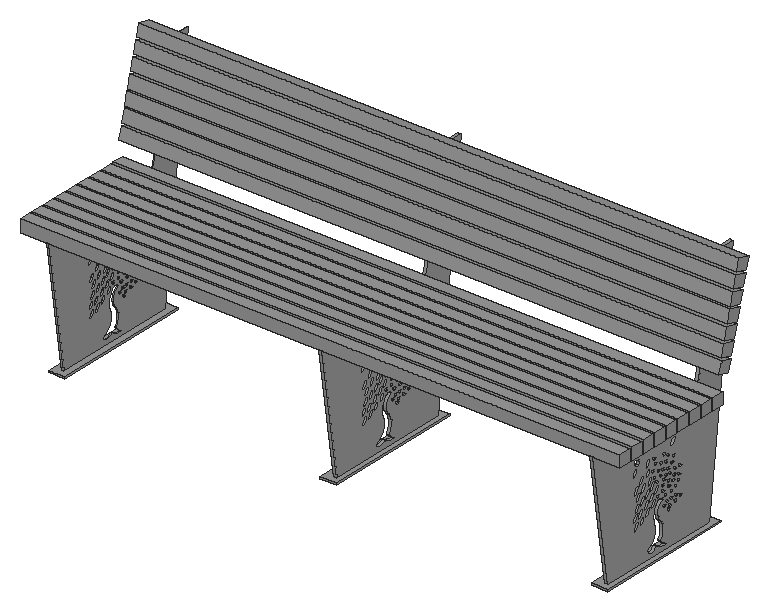
Revit family "Диван парковый с фигурной резкой «Флоренция» Арт 20361", category Антураж, Revit 2018
Family settings
  На основе рабочей плоскости = Нет
  Всегда вертикально = Да
  При загрузке вырезать с полостями = Нет
  Источник визуального образа = Геометрия семейства
  Общий = Нет
  Точка расчета площади = Нет
Parameters (values of type "Диван парковый с фигурной резкой «Флоренция»")
  Ширина = 580 mm  # constant formula
  Цвет опор = Сталь
  Цвет лавки = Дерево
  Описание = "Диван парковый с фигурной резкой «Флоренция»"  # constant formula
  Материал изделия = "Сталь, дерево"  # constant formula
  Изображение типоразмера = Диван парковый с фигурной резкой «Флоренция» Арт 20361.jpg
  Изготовитель = "ООО «Хоббика»"  # constant formula
  Длина = 2000 mm  # constant formula
  Группа модели = "Скамейки"  # constant formula
  Высота = 820 mm  # constant formula
  Артикул товара = "Арт. 20361"  # constant formula
  URL = "https://hobbyka.ru/product/divan_parkovyy_s_figurnoy_rezkoy_florentsiya/"
Reference planes
  plane 1 "По центру (Вперед/Назад)": y = 0
  plane 2: z = 0
  plane 3 "По центру (Влево/Вправо)": x = 0
  plane 4: x = 2000
  plane 5: y = 580
  plane 6: z = 820
Forms (mm)
  Extrusion 1, solid, material "Дерево" <- "Цвет лавки"
    sketch origin (0, -1.768, 0) x (0, 1, 0) y (0, 0, 1)
      loop
        line (41.768, 450) -> (1.768, 450) -> (1.768, 410) -> (41.768, 410) -> (41.768, 450)
    from 0 to 2000
  Extrusion 2, solid, material "Дерево" <- "Цвет лавки"
    sketch origin (0, 0, 0) x (0, 1, 0) y (0, 0, 1)
      loop
        line (495, 820) -> (484.647, 781.363) -> (523.284, 771.01) -> (533.637, 809.647) -> (495, 820)
    from 0 to 2000
  Extrusion 3, solid, material "Дерево" <- "Цвет лавки"
    sketch origin (0, 384.784, 0) x (0, 1, 0) y (0, 0, 1)
      loop
        line (41.768, 450) -> (1.768, 450) -> (1.768, 410) -> (41.768, 410) -> (41.768, 450)
    from 0 to 2000
  Extrusion 4, solid, material "Дерево" <- "Цвет лавки"
    sketch origin (0, 46.551, 0) x (0, 1, 0) y (0, 0, 1)
      loop
        line (41.768, 450) -> (1.768, 450) -> (1.768, 410) -> (41.768, 410) -> (41.768, 450)
    from 0 to 2000
  Extrusion 5, solid, material "Дерево" <- "Цвет лавки"
    sketch origin (0, 94.87, 0) x (0, 1, 0) y (0, 0, 1)
      loop
        line (41.768, 450) -> (1.768, 450) -> (1.768, 410) -> (41.768, 410) -> (41.768, 450)
    from 0 to 2000
  Extrusion 6, solid, material "Дерево" <- "Цвет лавки"
    sketch origin (0, 143.189, 0) x (0, 1, 0) y (0, 0, 1)
      loop
        line (41.768, 450) -> (1.768, 450) -> (1.768, 410) -> (41.768, 410) -> (41.768, 450)
    from 0 to 2000
  Extrusion 7, solid, material "Дерево" <- "Цвет лавки"
    sketch origin (0, 191.508, 0) x (0, 1, 0) y (0, 0, 1)
      loop
        line (41.768, 450) -> (1.768, 450) -> (1.768, 410) -> (41.768, 410) -> (41.768, 450)
    from 0 to 2000
  Extrusion 8, solid, material "Дерево" <- "Цвет лавки"
    sketch origin (0, 239.827, 0) x (0, 1, 0) y (0, 0, 1)
      loop
        line (41.768, 450) -> (1.768, 450) -> (1.768, 410) -> (41.768, 410) -> (41.768, 450)
    from 0 to 2000
  Extrusion 9, solid, material "Дерево" <- "Цвет лавки"
    sketch origin (0, 288.146, 0) x (0, 1, 0) y (0, 0, 1)
      loop
        line (41.768, 450) -> (1.768, 450) -> (1.768, 410) -> (41.768, 410) -> (41.768, 450)
    from 0 to 2000
  Extrusion 10, solid, material "Дерево" <- "Цвет лавки"
    sketch origin (0, 336.465, 0) x (0, 1, 0) y (0, 0, 1)
      loop
        line (41.768, 450) -> (1.768, 450) -> (1.768, 410) -> (41.768, 410) -> (41.768, 450)
    from 0 to 2000
  Extrusion 11, solid, material "Дерево" <- "Цвет лавки"
    sketch origin (0, -73.763, -275.289) x (0, 1, 0) y (0, 0, 1)
      loop
        line (495, 820) -> (484.647, 781.363) -> (523.284, 771.01) -> (533.637, 809.647) -> (495, 820)
    from 0 to 2000
  Extrusion 12, solid, material "Дерево" <- "Цвет лавки"
    sketch origin (0, -12.294, -45.881) x (0, 1, 0) y (0, 0, 1)
      loop
        line (495, 820) -> (484.647, 781.363) -> (523.284, 771.01) -> (533.637, 809.647) -> (495, 820)
    from 0 to 2000
  Extrusion 13, solid, material "Дерево" <- "Цвет лавки"
    sketch origin (0, -24.588, -91.763) x (0, 1, 0) y (0, 0, 1)
      loop
        line (495, 820) -> (484.647, 781.363) -> (523.284, 771.01) -> (533.637, 809.647) -> (495, 820)
    from 0 to 2000
  Extrusion 14, solid, material "Дерево" <- "Цвет лавки"
    sketch origin (0, -36.882, -137.644) x (0, 1, 0) y (0, 0, 1)
      loop
        line (495, 820) -> (484.647, 781.363) -> (523.284, 771.01) -> (533.637, 809.647) -> (495, 820)
    from 0 to 2000
  Extrusion 15, solid, material "Дерево" <- "Цвет лавки"
    sketch origin (0, -49.176, -183.526) x (0, 1, 0) y (0, 0, 1)
      loop
        line (495, 820) -> (484.647, 781.363) -> (523.284, 771.01) -> (533.637, 809.647) -> (495, 820)
    from 0 to 2000
  Extrusion 16, solid, material "Дерево" <- "Цвет лавки"
    sketch origin (0, -61.47, -229.407) x (0, 1, 0) y (0, 0, 1)
      loop
        line (495, 820) -> (484.647, 781.363) -> (523.284, 771.01) -> (533.637, 809.647) -> (495, 820)
    from 0 to 2000
  Extrusion 17, solid, material "Сталь" <- "Цвет опор"
    sketch origin (0, 0, 0) x (0, 1, 0) y (0, 0, 1)
      loop
        line (426.552, 410) -> (0, 410) -> (61.477, 0) -> (481.477, 0) -> (580, 802.403) -> (531.696, 802.403) -> (426.552, 410)
      loop
        arc (293.279, 154.444) -> (280.002, 165.527) -> (263.735, 159.654) r 17.373
        arc (263.735, 159.654) -> (250.742, 131.338) -> (254.349, 100.393) r 57.751
        arc (254.349, 100.393) -> (253.743, 59.613) -> (223.844, 31.877) r 51.872
        arc (223.844, 31.877) -> (242.205, 16.337) -> (263.472, 27.577) r 21.481
        arc (263.472, 27.577) -> (287.28, 16.812) -> (313.371, 18.207) r 55.185
        arc (313.371, 18.207) -> (296.034, 23.078) -> (282.861, 35.356) r 38.169
        arc (282.861, 35.356) -> (290.714, 65.356) -> (282.861, 95.356) r 61.227
        arc (282.861, 95.356) -> (270.331, 128.028) -> (293.279, 154.444) r 33.989
      loop
        spline (191.631, 301.463) -> (193.099, 303.654) -> (193.745, 306.419) -> (193.524, 309.569) -> (192.451, 312.89) -> (190.599, 316.154) -> (188.095, 319.141) -> (185.109, 321.645) -> (181.844, 323.497) -> (178.524, 324.569) -> (175.374, 324.791) -> (172.609, 324.145) -> (170.417, 322.676)
        spline (170.417, 322.676) -> (168.949, 320.485) -> (168.303, 317.72) -> (168.524, 314.569) -> (169.597, 311.249) -> (171.449, 307.985) -> (173.953, 304.998) -> (176.939, 302.494) -> (180.204, 300.642) -> (183.524, 299.569) -> (186.674, 299.348) -> (189.439, 299.994) -> (191.631, 301.463)
      loop
        spline (165.613, 270.783) -> (167.55, 270.255) -> (169.866, 270.649) -> (172.403, 271.936) -> (174.988, 274.031) -> (177.446, 276.789) -> (179.608, 280.024) -> (181.328, 283.513) -> (182.488, 287.021) -> (183.009, 290.307) -> (182.856, 293.149) -> (182.039, 295.351) -> (180.613, 296.764)
        spline (180.613, 296.764) -> (178.677, 297.292) -> (176.361, 296.899) -> (173.824, 295.611) -> (171.238, 293.516) -> (168.781, 290.758) -> (166.618, 287.524) -> (164.898, 284.034) -> (163.738, 280.526) -> (163.217, 277.24) -> (163.371, 274.399) -> (164.188, 272.196) -> (165.613, 270.783)
      loop
        spline (320.505, 301.998) -> (322.442, 300.785) -> (324.969, 300.377) -> (327.914, 300.802) -> (331.078, 302.032) -> (334.244, 303.982) -> (337.197, 306.52) -> (339.735, 309.472) -> (341.685, 312.638) -> (342.914, 315.802) -> (343.34, 318.748) -> (342.932, 321.275) -> (341.718, 323.211)
        spline (341.718, 323.211) -> (339.782, 324.425) -> (337.255, 324.833) -> (334.309, 324.407) -> (331.146, 323.177) -> (327.98, 321.227) -> (325.027, 318.689) -> (322.489, 315.737) -> (320.539, 312.571) -> (319.309, 309.407) -> (318.884, 306.461) -> (319.292, 303.934) -> (320.505, 301.998)
      loop
        spline (300.133, 150.362) -> (299.459, 149.206) -> (299.312, 147.647) -> (299.704, 145.791) -> (300.607, 143.765) -> (301.959, 141.706) -> (303.668, 139.755) -> (305.619, 138.046) -> (307.678, 136.693) -> (309.704, 135.791) -> (311.56, 135.399) -> (313.119, 135.546) -> (314.275, 136.22)
        spline (314.275, 136.22) -> (314.949, 137.376) -> (315.095, 138.935) -> (314.704, 140.791) -> (313.801, 142.817) -> (312.449, 144.876) -> (310.739, 146.826) -> (308.789, 148.536) -> (306.73, 149.888) -> (304.704, 150.791) -> (302.848, 151.182) -> (301.289, 151.036) -> (300.133, 150.362)
      loop
        spline (287.846, 141.758) -> (287.171, 140.602) -> (287.025, 139.043) -> (287.417, 137.187) -> (288.319, 135.161) -> (289.671, 133.102) -> (291.381, 131.152) -> (293.332, 129.442) -> (295.39, 128.09) -> (297.417, 127.187) -> (299.273, 126.796) -> (300.832, 126.942) -> (301.988, 127.616)
        spline (301.988, 127.616) -> (302.662, 128.772) -> (302.808, 130.331) -> (302.417, 132.187) -> (301.514, 134.214) -> (300.162, 136.272) -> (298.452, 138.223) -> (296.502, 139.932) -> (294.443, 141.285) -> (292.417, 142.187) -> (290.561, 142.579) -> (289.002, 142.432) -> (287.846, 141.758)
      loop
        spline (305.523, 124.081) -> (304.849, 122.925) -> (304.703, 121.366) -> (305.094, 119.51) -> (305.997, 117.483) -> (307.349, 115.425) -> (309.059, 113.474) -> (311.009, 111.764) -> (313.068, 110.412) -> (315.094, 109.51) -> (316.95, 109.118) -> (318.509, 109.264) -> (319.665, 109.938)
        spline (319.665, 109.938) -> (320.339, 111.094) -> (320.486, 112.654) -> (320.094, 114.51) -> (319.192, 116.536) -> (317.839, 118.594) -> (316.13, 120.545) -> (314.179, 122.255) -> (312.121, 123.607) -> (310.094, 124.51) -> (308.238, 124.901) -> (306.679, 124.755) -> (305.523, 124.081)
      loop
        spline (311.255, 134.008) -> (310.58, 132.852) -> (310.434, 131.292) -> (310.826, 129.437) -> (311.728, 127.41) -> (313.08, 125.352) -> (314.79, 123.401) -> (316.741, 121.691) -> (318.799, 120.339) -> (320.826, 119.437) -> (322.682, 119.045) -> (324.241, 119.191) -> (325.397, 119.865)
        spline (325.397, 119.865) -> (326.071, 121.021) -> (326.217, 122.581) -> (325.826, 124.437) -> (324.923, 126.463) -> (323.571, 128.521) -> (321.861, 130.472) -> (319.911, 132.182) -> (317.852, 133.534) -> (315.826, 134.437) -> (313.97, 134.828) -> (312.411, 134.682) -> (311.255, 134.008)
      loop
        spline (333.847, 137.991) -> (333.173, 136.835) -> (333.027, 135.276) -> (333.419, 133.42) -> (334.321, 131.394) -> (335.673, 129.335) -> (337.383, 127.385) -> (339.334, 125.675) -> (341.392, 124.323) -> (343.419, 123.42) -> (345.274, 123.029) -> (346.834, 123.175) -> (347.99, 123.849)
        spline (347.99, 123.849) -> (348.664, 125.005) -> (348.81, 126.564) -> (348.419, 128.42) -> (347.516, 130.447) -> (346.164, 132.505) -> (344.454, 134.456) -> (342.503, 136.165) -> (340.445, 137.518) -> (338.419, 138.42) -> (336.563, 138.812) -> (335.003, 138.665) -> (333.847, 137.991)
      loop
        spline (354.754, 145.601) -> (354.08, 144.445) -> (353.934, 142.886) -> (354.325, 141.03) -> (355.228, 139.003) -> (356.58, 136.945) -> (358.29, 134.994) -> (360.24, 133.284) -> (362.299, 131.932) -> (364.325, 131.03) -> (366.181, 130.638) -> (367.74, 130.784) -> (368.896, 131.459)
        spline (368.896, 131.459) -> (369.57, 132.615) -> (369.717, 134.174) -> (369.325, 136.03) -> (368.423, 138.056) -> (367.07, 140.115) -> (365.361, 142.065) -> (363.41, 143.775) -> (361.352, 145.127) -> (359.325, 146.03) -> (357.469, 146.421) -> (355.91, 146.275) -> (354.754, 145.601)
      loop
        spline (336.628, 154.053) -> (335.954, 152.897) -> (335.808, 151.338) -> (336.199, 149.482) -> (337.102, 147.456) -> (338.454, 145.397) -> (340.163, 143.446) -> (342.114, 141.737) -> (344.173, 140.385) -> (346.199, 139.482) -> (348.055, 139.091) -> (349.614, 139.237) -> (350.77, 139.911)
        spline (350.77, 139.911) -> (351.444, 141.067) -> (351.591, 142.626) -> (351.199, 144.482) -> (350.296, 146.508) -> (348.944, 148.567) -> (347.235, 150.518) -> (345.284, 152.227) -> (343.225, 153.579) -> (341.199, 154.482) -> (339.343, 154.873) -> (337.784, 154.727) -> (336.628, 154.053)
      loop
        spline (316.704, 152.31) -> (316.03, 151.154) -> (315.884, 149.595) -> (316.275, 147.739) -> (317.178, 145.713) -> (318.53, 143.654) -> (320.24, 141.703) -> (322.19, 139.994) -> (324.249, 138.641) -> (326.275, 137.739) -> (328.131, 137.347) -> (329.69, 137.494) -> (330.846, 138.168)
        spline (330.846, 138.168) -> (331.52, 139.324) -> (331.667, 140.883) -> (331.275, 142.739) -> (330.373, 144.765) -> (329.02, 146.824) -> (327.311, 148.774) -> (325.36, 150.484) -> (323.301, 151.836) -> (321.275, 152.739) -> (319.419, 153.13) -> (317.86, 152.984) -> (316.704, 152.31)
      loop
        spline (293.723, 171.594) -> (293.049, 170.438) -> (292.902, 168.878) -> (293.294, 167.023) -> (294.196, 164.996) -> (295.549, 162.938) -> (297.258, 160.987) -> (299.209, 159.277) -> (301.267, 157.925) -> (303.294, 157.023) -> (305.15, 156.631) -> (306.709, 156.777) -> (307.865, 157.451)
        spline (307.865, 157.451) -> (308.539, 158.607) -> (308.685, 160.167) -> (308.294, 162.023) -> (307.391, 164.049) -> (306.039, 166.107) -> (304.329, 168.058) -> (302.379, 169.768) -> (300.32, 171.12) -> (298.294, 172.023) -> (296.438, 172.414) -> (294.879, 172.268) -> (293.723, 171.594)
      loop
        spline (318.628, 173.772) -> (317.953, 172.616) -> (317.807, 171.057) -> (318.199, 169.201) -> (319.101, 167.175) -> (320.453, 165.116) -> (322.163, 163.166) -> (324.114, 161.456) -> (326.172, 160.104) -> (328.199, 159.201) -> (330.055, 158.81) -> (331.614, 158.956) -> (332.77, 159.63)
        spline (332.77, 159.63) -> (333.444, 160.786) -> (333.59, 162.345) -> (333.199, 164.201) -> (332.296, 166.228) -> (330.944, 168.286) -> (329.234, 170.237) -> (327.284, 171.947) -> (325.225, 173.299) -> (323.199, 174.201) -> (321.343, 174.593) -> (319.784, 174.447) -> (318.628, 173.772)
      loop
        spline (335.349, 181.57) -> (334.675, 180.414) -> (334.529, 178.855) -> (334.92, 176.999) -> (335.823, 174.972) -> (337.175, 172.914) -> (338.884, 170.963) -> (340.835, 169.254) -> (342.894, 167.901) -> (344.92, 166.999) -> (346.776, 166.607) -> (348.335, 166.754) -> (349.491, 167.428)
        spline (349.491, 167.428) -> (350.165, 168.584) -> (350.312, 170.143) -> (349.92, 171.999) -> (349.017, 174.025) -> (347.665, 176.084) -> (345.956, 178.034) -> (344.005, 179.744) -> (341.946, 181.096) -> (339.92, 181.999) -> (338.064, 182.39) -> (336.505, 182.244) -> (335.349, 181.57)
      loop
        spline (347.738, 193.959) -> (347.064, 192.803) -> (346.918, 191.244) -> (347.309, 189.388) -> (348.212, 187.361) -> (349.564, 185.303) -> (351.274, 183.352) -> (353.224, 181.643) -> (355.283, 180.29) -> (357.309, 179.388) -> (359.165, 178.996) -> (360.724, 179.143) -> (361.88, 179.817)
        spline (361.88, 179.817) -> (362.554, 180.973) -> (362.701, 182.532) -> (362.309, 184.388) -> (361.406, 186.414) -> (360.054, 188.473) -> (358.345, 190.423) -> (356.394, 192.133) -> (354.335, 193.485) -> (352.309, 194.388) -> (350.453, 194.779) -> (348.894, 194.633) -> (347.738, 193.959)
      loop
        spline (324.246, 202.509) -> (323.572, 201.353) -> (323.425, 199.794) -> (323.817, 197.938) -> (324.719, 195.912) -> (326.072, 193.853) -> (327.781, 191.903) -> (329.732, 190.193) -> (331.79, 188.841) -> (333.817, 187.938) -> (335.673, 187.547) -> (337.232, 187.693) -> (338.388, 188.367)
        spline (338.388, 188.367) -> (339.062, 189.523) -> (339.208, 191.082) -> (338.817, 192.938) -> (337.914, 194.965) -> (336.562, 197.023) -> (334.852, 198.974) -> (332.902, 200.683) -> (330.843, 202.036) -> (328.817, 202.938) -> (326.961, 203.33) -> (325.402, 203.183) -> (324.246, 202.509)
      loop
        spline (306.925, 192.509) -> (306.251, 191.353) -> (306.105, 189.794) -> (306.496, 187.938) -> (307.399, 185.912) -> (308.751, 183.853) -> (310.461, 181.903) -> (312.411, 180.193) -> (314.47, 178.841) -> (316.496, 177.938) -> (318.352, 177.547) -> (319.911, 177.693) -> (321.067, 178.367)
        spline (321.067, 178.367) -> (321.741, 179.523) -> (321.888, 181.082) -> (321.496, 182.938) -> (320.594, 184.965) -> (319.241, 187.023) -> (317.532, 188.974) -> (315.581, 190.683) -> (313.523, 192.036) -> (311.496, 192.938) -> (309.64, 193.33) -> (308.081, 193.183) -> (306.925, 192.509)
      loop
        spline (282.233, 188.598) -> (281.559, 187.442) -> (281.413, 185.883) -> (281.804, 184.027) -> (282.707, 182.001) -> (284.059, 179.942) -> (285.769, 177.992) -> (287.719, 176.282) -> (289.778, 174.93) -> (291.804, 174.027) -> (293.66, 173.636) -> (295.219, 173.782) -> (296.375, 174.456)
        spline (296.375, 174.456) -> (297.049, 175.612) -> (297.196, 177.171) -> (296.804, 179.027) -> (295.901, 181.054) -> (294.549, 183.112) -> (292.84, 185.063) -> (290.889, 186.773) -> (288.83, 188.125) -> (286.804, 189.027) -> (284.948, 189.419) -> (283.389, 189.273) -> (282.233, 188.598)
      loop
        spline (259.835, 182.597) -> (259.161, 181.441) -> (259.015, 179.882) -> (259.406, 178.026) -> (260.309, 176) -> (261.661, 173.941) -> (263.371, 171.99) -> (265.321, 170.281) -> (267.38, 168.929) -> (269.406, 168.026) -> (271.262, 167.634) -> (272.821, 167.781) -> (273.977, 168.455)
        spline (273.977, 168.455) -> (274.651, 169.611) -> (274.798, 171.17) -> (274.406, 173.026) -> (273.504, 175.052) -> (272.151, 177.111) -> (270.442, 179.061) -> (268.491, 180.771) -> (266.432, 182.123) -> (264.406, 183.026) -> (262.55, 183.417) -> (260.991, 183.271) -> (259.835, 182.597)
      loop
        spline (242.452, 147.816) -> (244.388, 147.288) -> (246.704, 147.682) -> (249.241, 148.969) -> (251.827, 151.064) -> (254.284, 153.822) -> (256.447, 157.057) -> (258.167, 160.547) -> (259.327, 164.054) -> (259.848, 167.34) -> (259.694, 170.182) -> (258.877, 172.384) -> (257.452, 173.797)
        spline (257.452, 173.797) -> (255.515, 174.325) -> (253.199, 173.932) -> (250.662, 172.644) -> (248.077, 170.549) -> (245.619, 167.791) -> (243.456, 164.557) -> (241.737, 161.067) -> (240.577, 157.559) -> (240.055, 154.273) -> (240.209, 151.432) -> (241.026, 149.229) -> (242.452, 147.816)
      loop
        spline (217.58, 131.04) -> (219.517, 130.512) -> (221.833, 130.906) -> (224.37, 132.194) -> (226.955, 134.288) -> (229.413, 137.046) -> (231.576, 140.281) -> (233.295, 143.771) -> (234.455, 147.278) -> (234.977, 150.565) -> (234.823, 153.406) -> (234.006, 155.608) -> (232.58, 157.021)
        spline (232.58, 157.021) -> (230.644, 157.549) -> (228.328, 157.156) -> (225.791, 155.868) -> (223.205, 153.774) -> (220.748, 151.015) -> (218.585, 147.781) -> (216.865, 144.291) -> (215.705, 140.783) -> (215.184, 137.497) -> (215.338, 134.656) -> (216.155, 132.454) -> (217.58, 131.04)
      loop
        spline (194.915, 116.321) -> (196.852, 115.793) -> (199.168, 116.187) -> (201.705, 117.474) -> (204.29, 119.569) -> (206.748, 122.327) -> (208.91, 125.562) -> (210.63, 129.052) -> (211.79, 132.559) -> (212.311, 135.846) -> (212.158, 138.687) -> (211.341, 140.889) -> (209.915, 142.302)
        spline (209.915, 142.302) -> (207.978, 142.83) -> (205.663, 142.437) -> (203.126, 141.149) -> (200.54, 139.055) -> (198.082, 136.296) -> (195.92, 133.062) -> (194.2, 129.572) -> (193.04, 126.064) -> (192.519, 122.778) -> (192.672, 119.937) -> (193.49, 117.735) -> (194.915, 116.321)
      loop
        spline (170.884, 109.43) -> (172.82, 108.902) -> (175.136, 109.296) -> (177.673, 110.584) -> (180.259, 112.678) -> (182.716, 115.436) -> (184.879, 118.671) -> (186.599, 122.161) -> (187.759, 125.668) -> (188.28, 128.955) -> (188.126, 131.796) -> (187.309, 133.998) -> (185.884, 135.411)
        spline (185.884, 135.411) -> (183.947, 135.939) -> (181.631, 135.546) -> (179.094, 134.258) -> (176.509, 132.164) -> (174.051, 129.405) -> (171.888, 126.171) -> (170.169, 122.681) -> (169.009, 119.173) -> (168.487, 115.887) -> (168.641, 113.046) -> (169.458, 110.844) -> (170.884, 109.43)
      loop
        spline (167.608, 136.107) -> (169.545, 135.579) -> (171.861, 135.972) -> (174.398, 137.26) -> (176.983, 139.355) -> (179.441, 142.113) -> (181.603, 145.347) -> (183.323, 148.837) -> (184.483, 152.345) -> (185.004, 155.631) -> (184.851, 158.472) -> (184.034, 160.675) -> (182.608, 162.088)
        spline (182.608, 162.088) -> (180.671, 162.616) -> (178.356, 162.222) -> (175.819, 160.935) -> (173.233, 158.84) -> (170.775, 156.082) -> (168.613, 152.847) -> (166.893, 149.357) -> (165.733, 145.85) -> (165.212, 142.563) -> (165.365, 139.722) -> (166.183, 137.52) -> (167.608, 136.107)
      loop
        spline (189.113, 139.899) -> (191.05, 139.371) -> (193.366, 139.764) -> (195.903, 141.052) -> (198.488, 143.147) -> (200.946, 145.905) -> (203.109, 149.139) -> (204.828, 152.629) -> (205.988, 156.137) -> (206.51, 159.423) -> (206.356, 162.264) -> (205.539, 164.466) -> (204.113, 165.88)
        spline (204.113, 165.88) -> (202.177, 166.408) -> (199.861, 166.014) -> (197.324, 164.727) -> (194.738, 162.632) -> (192.281, 159.874) -> (190.118, 156.639) -> (188.398, 153.149) -> (187.238, 149.642) -> (186.717, 146.355) -> (186.871, 143.514) -> (187.688, 141.312) -> (189.113, 139.899)
      loop
        spline (214.274, 156.238) -> (216.21, 155.71) -> (218.526, 156.103) -> (221.063, 157.391) -> (223.649, 159.486) -> (226.106, 162.244) -> (228.269, 165.478) -> (229.989, 168.968) -> (231.149, 172.476) -> (231.67, 175.762) -> (231.516, 178.603) -> (230.699, 180.806) -> (229.274, 182.219)
        spline (229.274, 182.219) -> (227.337, 182.747) -> (225.021, 182.353) -> (222.484, 181.066) -> (219.899, 178.971) -> (217.441, 176.213) -> (215.278, 172.978) -> (213.559, 169.489) -> (212.399, 165.981) -> (211.877, 162.695) -> (212.031, 159.853) -> (212.848, 157.651) -> (214.274, 156.238)
      loop
        spline (175.008, 163.87) -> (176.945, 163.343) -> (179.261, 163.736) -> (181.798, 165.024) -> (184.383, 167.118) -> (186.841, 169.876) -> (189.004, 173.111) -> (190.723, 176.601) -> (191.883, 180.108) -> (192.405, 183.395) -> (192.251, 186.236) -> (191.434, 188.438) -> (190.008, 189.851)
        spline (190.008, 189.851) -> (188.072, 190.379) -> (185.756, 189.986) -> (183.219, 188.698) -> (180.633, 186.604) -> (178.176, 183.845) -> (176.013, 180.611) -> (174.293, 177.121) -> (173.133, 173.613) -> (172.612, 170.327) -> (172.766, 167.486) -> (173.583, 165.284) -> (175.008, 163.87)
      loop
        spline (197.082, 175.607) -> (199.019, 175.079) -> (201.335, 175.473) -> (203.872, 176.76) -> (206.457, 178.855) -> (208.915, 181.613) -> (211.077, 184.848) -> (212.797, 188.338) -> (213.957, 191.845) -> (214.478, 195.132) -> (214.325, 197.973) -> (213.508, 200.175) -> (212.082, 201.588)
        spline (212.082, 201.588) -> (210.145, 202.116) -> (207.83, 201.723) -> (205.293, 200.435) -> (202.707, 198.34) -> (200.249, 195.582) -> (198.087, 192.348) -> (196.367, 188.858) -> (195.207, 185.35) -> (194.686, 182.064) -> (194.839, 179.223) -> (195.657, 177.02) -> (197.082, 175.607)
      loop
        spline (179.404, 193.285) -> (181.341, 192.757) -> (183.657, 193.15) -> (186.194, 194.438) -> (188.779, 196.532) -> (191.237, 199.291) -> (193.4, 202.525) -> (195.119, 206.015) -> (196.279, 209.523) -> (196.801, 212.809) -> (196.647, 215.65) -> (195.83, 217.852) -> (194.404, 219.266)
        spline (194.404, 219.266) -> (192.468, 219.794) -> (190.152, 219.4) -> (187.615, 218.113) -> (185.029, 216.018) -> (182.572, 213.26) -> (180.409, 210.025) -> (178.689, 206.535) -> (177.529, 203.028) -> (177.008, 199.741) -> (177.162, 196.9) -> (177.979, 194.698) -> (179.404, 193.285)
      loop
        spline (170.854, 216.777) -> (172.791, 216.249) -> (175.106, 216.643) -> (177.643, 217.93) -> (180.229, 220.025) -> (182.687, 222.783) -> (184.849, 226.018) -> (186.569, 229.508) -> (187.729, 233.015) -> (188.25, 236.302) -> (188.097, 239.143) -> (187.279, 241.345) -> (185.854, 242.758)
        spline (185.854, 242.758) -> (183.917, 243.286) -> (181.602, 242.893) -> (179.064, 241.605) -> (176.479, 239.51) -> (174.021, 236.752) -> (171.859, 233.518) -> (170.139, 230.028) -> (168.979, 226.52) -> (168.458, 223.234) -> (168.611, 220.393) -> (169.428, 218.19) -> (170.854, 216.777)
      loop
        spline (235.575, 169.754) -> (237.512, 169.226) -> (239.828, 169.62) -> (242.365, 170.908) -> (244.95, 173.002) -> (247.408, 175.76) -> (249.571, 178.995) -> (251.29, 182.485) -> (252.45, 185.992) -> (252.971, 189.279) -> (252.818, 192.12) -> (252.001, 194.322) -> (250.575, 195.735)
        spline (250.575, 195.735) -> (248.639, 196.263) -> (246.323, 195.87) -> (243.786, 194.582) -> (241.2, 192.488) -> (238.743, 189.729) -> (236.58, 186.495) -> (234.86, 183.005) -> (233.7, 179.497) -> (233.179, 176.211) -> (233.333, 173.37) -> (234.15, 171.168) -> (235.575, 169.754)
      loop
        spline (217.898, 187.432) -> (219.834, 186.904) -> (222.15, 187.297) -> (224.687, 188.585) -> (227.273, 190.68) -> (229.73, 193.438) -> (231.893, 196.672) -> (233.613, 200.162) -> (234.773, 203.67) -> (235.294, 206.956) -> (235.14, 209.797) -> (234.323, 212) -> (232.898, 213.413)
        spline (232.898, 213.413) -> (230.961, 213.941) -> (228.645, 213.547) -> (226.108, 212.26) -> (223.523, 210.165) -> (221.065, 207.407) -> (218.902, 204.172) -> (217.183, 200.683) -> (216.023, 197.175) -> (215.502, 193.889) -> (215.655, 191.047) -> (216.472, 188.845) -> (217.898, 187.432)
      loop
        spline (200.69, 212.007) -> (202.627, 211.479) -> (204.943, 211.872) -> (207.48, 213.16) -> (210.065, 215.254) -> (212.523, 218.013) -> (214.686, 221.247) -> (216.405, 224.737) -> (217.565, 228.245) -> (218.086, 231.531) -> (217.933, 234.372) -> (217.116, 236.574) -> (215.69, 237.987)
        spline (215.69, 237.987) -> (213.754, 238.515) -> (211.438, 238.122) -> (208.901, 236.834) -> (206.315, 234.74) -> (203.858, 231.981) -> (201.695, 228.747) -> (199.975, 225.257) -> (198.815, 221.749) -> (198.294, 218.463) -> (198.448, 215.622) -> (199.265, 213.42) -> (200.69, 212.007)
      loop
        spline (193.216, 239.305) -> (195.153, 238.777) -> (197.469, 239.17) -> (200.006, 240.458) -> (202.591, 242.552) -> (205.049, 245.311) -> (207.211, 248.545) -> (208.931, 252.035) -> (210.091, 255.543) -> (210.612, 258.829) -> (210.459, 261.67) -> (209.642, 263.872) -> (208.216, 265.286)
        spline (208.216, 265.286) -> (206.28, 265.814) -> (203.964, 265.42) -> (201.427, 264.132) -> (198.841, 262.038) -> (196.384, 259.28) -> (194.221, 256.045) -> (192.501, 252.555) -> (191.341, 249.048) -> (190.82, 245.761) -> (190.974, 242.92) -> (191.791, 240.718) -> (193.216, 239.305)
      loop
        spline (255.503, 184.504) -> (257.44, 183.976) -> (259.756, 184.369) -> (262.293, 185.657) -> (264.878, 187.751) -> (267.336, 190.51) -> (269.499, 193.744) -> (271.218, 197.234) -> (272.378, 200.742) -> (272.899, 204.028) -> (272.746, 206.869) -> (271.929, 209.071) -> (270.503, 210.485)
        spline (270.503, 210.485) -> (268.567, 211.012) -> (266.251, 210.619) -> (263.714, 209.331) -> (261.128, 207.237) -> (258.671, 204.479) -> (256.508, 201.244) -> (254.788, 197.754) -> (253.628, 194.247) -> (253.107, 190.96) -> (253.261, 188.119) -> (254.078, 185.917) -> (255.503, 184.504)
      loop
        spline (237.826, 202.181) -> (239.762, 201.653) -> (242.078, 202.047) -> (244.615, 203.335) -> (247.201, 205.429) -> (249.658, 208.187) -> (251.821, 211.422) -> (253.541, 214.912) -> (254.701, 218.419) -> (255.222, 221.706) -> (255.068, 224.547) -> (254.251, 226.749) -> (252.826, 228.162)
        spline (252.826, 228.162) -> (250.889, 228.69) -> (248.573, 228.297) -> (246.036, 227.009) -> (243.451, 224.915) -> (240.993, 222.156) -> (238.83, 218.922) -> (237.111, 215.432) -> (235.951, 211.924) -> (235.43, 208.638) -> (235.583, 205.797) -> (236.4, 203.595) -> (237.826, 202.181)
      loop
        spline (227.826, 219.502) -> (229.762, 218.974) -> (232.078, 219.367) -> (234.615, 220.655) -> (237.201, 222.75) -> (239.658, 225.508) -> (241.821, 228.742) -> (243.541, 232.232) -> (244.701, 235.74) -> (245.222, 239.026) -> (245.068, 241.867) -> (244.251, 244.069) -> (242.826, 245.483)
        spline (242.826, 245.483) -> (240.889, 246.011) -> (238.573, 245.617) -> (236.036, 244.33) -> (233.451, 242.235) -> (230.993, 239.477) -> (228.83, 236.242) -> (227.111, 232.752) -> (225.951, 229.245) -> (225.43, 225.958) -> (225.583, 223.117) -> (226.4, 220.915) -> (227.826, 219.502)
      loop
        spline (220.061, 248.48) -> (221.998, 247.952) -> (224.313, 248.345) -> (226.851, 249.633) -> (229.436, 251.727) -> (231.894, 254.486) -> (234.056, 257.72) -> (235.776, 261.21) -> (236.936, 264.718) -> (237.457, 268.004) -> (237.304, 270.845) -> (236.487, 273.047) -> (235.061, 274.46)
        spline (235.061, 274.46) -> (233.124, 274.988) -> (230.809, 274.595) -> (228.272, 273.307) -> (225.686, 271.213) -> (223.228, 268.454) -> (221.066, 265.22) -> (219.346, 261.73) -> (218.186, 258.222) -> (217.665, 254.936) -> (217.818, 252.095) -> (218.636, 249.893) -> (220.061, 248.48)
      loop
        spline (220.061, 278.48) -> (221.998, 277.952) -> (224.313, 278.345) -> (226.851, 279.633) -> (229.436, 281.727) -> (231.894, 284.486) -> (234.056, 287.72) -> (235.776, 291.21) -> (236.936, 294.718) -> (237.457, 298.004) -> (237.304, 300.845) -> (236.487, 303.047) -> (235.061, 304.46)
        spline (235.061, 304.46) -> (233.124, 304.988) -> (230.809, 304.595) -> (228.272, 303.307) -> (225.686, 301.213) -> (223.228, 298.454) -> (221.066, 295.22) -> (219.346, 291.73) -> (218.186, 288.222) -> (217.665, 284.936) -> (217.818, 282.095) -> (218.636, 279.893) -> (220.061, 278.48)
      loop
        spline (282.233, 205.623) -> (281.559, 204.467) -> (281.413, 202.908) -> (281.804, 201.052) -> (282.707, 199.026) -> (284.059, 196.967) -> (285.769, 195.016) -> (287.719, 193.307) -> (289.778, 191.955) -> (291.804, 191.052) -> (293.66, 190.661) -> (295.219, 190.807) -> (296.375, 191.481)
        spline (296.375, 191.481) -> (297.049, 192.637) -> (297.196, 194.196) -> (296.804, 196.052) -> (295.901, 198.078) -> (294.549, 200.137) -> (292.84, 202.088) -> (290.889, 203.797) -> (288.83, 205.149) -> (286.804, 206.052) -> (284.948, 206.444) -> (283.389, 206.297) -> (282.233, 205.623)
      loop
        spline (305.031, 209.643) -> (304.356, 208.487) -> (304.21, 206.928) -> (304.602, 205.072) -> (305.504, 203.046) -> (306.856, 200.987) -> (308.566, 199.036) -> (310.517, 197.327) -> (312.575, 195.974) -> (314.602, 195.072) -> (316.458, 194.68) -> (318.017, 194.827) -> (319.173, 195.501)
        spline (319.173, 195.501) -> (319.847, 196.657) -> (319.993, 198.216) -> (319.602, 200.072) -> (318.699, 202.098) -> (317.347, 204.157) -> (315.637, 206.107) -> (313.687, 207.817) -> (311.628, 209.169) -> (309.602, 210.072) -> (307.746, 210.463) -> (306.187, 210.317) -> (305.031, 209.643)
      loop
        spline (329.179, 216.113) -> (328.505, 214.957) -> (328.358, 213.398) -> (328.75, 211.542) -> (329.652, 209.516) -> (331.005, 207.457) -> (332.714, 205.507) -> (334.665, 203.797) -> (336.723, 202.445) -> (338.75, 201.542) -> (340.606, 201.151) -> (342.165, 201.297) -> (343.321, 201.971)
        spline (343.321, 201.971) -> (343.995, 203.127) -> (344.141, 204.686) -> (343.75, 206.542) -> (342.847, 208.569) -> (341.495, 210.627) -> (339.785, 212.578) -> (337.835, 214.288) -> (335.776, 215.64) -> (333.75, 216.542) -> (331.894, 216.934) -> (330.335, 216.788) -> (329.179, 216.113)
      loop
        spline (348.497, 210.937) -> (347.823, 209.781) -> (347.677, 208.222) -> (348.068, 206.366) -> (348.971, 204.34) -> (350.323, 202.281) -> (352.033, 200.33) -> (353.983, 198.621) -> (356.042, 197.269) -> (358.068, 196.366) -> (359.924, 195.974) -> (361.483, 196.121) -> (362.639, 196.795)
        spline (362.639, 196.795) -> (363.313, 197.951) -> (363.46, 199.51) -> (363.068, 201.366) -> (362.166, 203.392) -> (360.813, 205.451) -> (359.104, 207.401) -> (357.153, 209.111) -> (355.095, 210.463) -> (353.068, 211.366) -> (351.212, 211.757) -> (349.653, 211.611) -> (348.497, 210.937)
      loop
        spline (352.838, 235.557) -> (352.164, 234.401) -> (352.018, 232.842) -> (352.409, 230.986) -> (353.312, 228.96) -> (354.664, 226.901) -> (356.374, 224.951) -> (358.325, 223.241) -> (360.383, 221.889) -> (362.409, 220.986) -> (364.265, 220.595) -> (365.825, 220.741) -> (366.981, 221.415)
        spline (366.981, 221.415) -> (367.655, 222.571) -> (367.801, 224.13) -> (367.409, 225.986) -> (366.507, 228.012) -> (365.155, 230.071) -> (363.445, 232.022) -> (361.494, 233.731) -> (359.436, 235.084) -> (357.409, 235.986) -> (355.554, 236.378) -> (353.994, 236.231) -> (352.838, 235.557)
      loop
        spline (332.838, 235.557) -> (332.164, 234.401) -> (332.018, 232.842) -> (332.409, 230.986) -> (333.312, 228.96) -> (334.664, 226.901) -> (336.374, 224.951) -> (338.325, 223.241) -> (340.383, 221.889) -> (342.409, 220.986) -> (344.265, 220.595) -> (345.825, 220.741) -> (346.981, 221.415)
        spline (346.981, 221.415) -> (347.655, 222.571) -> (347.801, 224.13) -> (347.409, 225.986) -> (346.507, 228.012) -> (345.155, 230.071) -> (343.445, 232.022) -> (341.494, 233.731) -> (339.436, 235.084) -> (337.409, 235.986) -> (335.554, 236.378) -> (333.994, 236.231) -> (332.838, 235.557)
      loop
        spline (320.338, 257.208) -> (319.664, 256.052) -> (319.518, 254.493) -> (319.909, 252.637) -> (320.812, 250.61) -> (322.164, 248.552) -> (323.874, 246.601) -> (325.825, 244.892) -> (327.883, 243.539) -> (329.909, 242.637) -> (331.765, 242.245) -> (333.325, 242.392) -> (334.481, 243.066)
        spline (334.481, 243.066) -> (335.155, 244.222) -> (335.301, 245.781) -> (334.909, 247.637) -> (334.007, 249.663) -> (332.655, 251.722) -> (330.945, 253.672) -> (328.994, 255.382) -> (326.936, 256.734) -> (324.909, 257.637) -> (323.054, 258.028) -> (321.494, 257.882) -> (320.338, 257.208)
      loop
        spline (326.915, 275.103) -> (326.241, 273.947) -> (326.095, 272.388) -> (326.486, 270.532) -> (327.389, 268.506) -> (328.741, 266.447) -> (330.451, 264.497) -> (332.401, 262.787) -> (334.46, 261.435) -> (336.486, 260.532) -> (338.342, 260.141) -> (339.901, 260.287) -> (341.057, 260.961)
        spline (341.057, 260.961) -> (341.732, 262.117) -> (341.878, 263.676) -> (341.486, 265.532) -> (340.584, 267.558) -> (339.232, 269.617) -> (337.522, 271.568) -> (335.571, 273.277) -> (333.513, 274.63) -> (331.486, 275.532) -> (329.63, 275.924) -> (328.071, 275.777) -> (326.915, 275.103)
      loop
        spline (304.826, 286.164) -> (304.152, 285.008) -> (304.005, 283.449) -> (304.397, 281.593) -> (305.299, 279.567) -> (306.652, 277.508) -> (308.361, 275.557) -> (310.312, 273.848) -> (312.37, 272.496) -> (314.397, 271.593) -> (316.253, 271.202) -> (317.812, 271.348) -> (318.968, 272.022)
        spline (318.968, 272.022) -> (319.642, 273.178) -> (319.788, 274.737) -> (319.397, 276.593) -> (318.494, 278.619) -> (317.142, 280.678) -> (315.432, 282.629) -> (313.482, 284.338) -> (311.423, 285.69) -> (309.397, 286.593) -> (307.541, 286.984) -> (305.982, 286.838) -> (304.826, 286.164)
      loop
        spline (287.505, 296.164) -> (286.831, 295.008) -> (286.685, 293.449) -> (287.076, 291.593) -> (287.979, 289.567) -> (289.331, 287.508) -> (291.041, 285.557) -> (292.991, 283.848) -> (295.05, 282.496) -> (297.076, 281.593) -> (298.932, 281.202) -> (300.491, 281.348) -> (301.647, 282.022)
        spline (301.647, 282.022) -> (302.321, 283.178) -> (302.468, 284.737) -> (302.076, 286.593) -> (301.174, 288.619) -> (299.821, 290.678) -> (298.112, 292.629) -> (296.161, 294.338) -> (294.103, 295.69) -> (292.076, 296.593) -> (290.22, 296.984) -> (288.661, 296.838) -> (287.505, 296.164)
      loop
        spline (275.005, 274.513) -> (274.331, 273.357) -> (274.185, 271.798) -> (274.576, 269.942) -> (275.479, 267.916) -> (276.831, 265.857) -> (278.541, 263.907) -> (280.491, 262.197) -> (282.55, 260.845) -> (284.576, 259.942) -> (286.432, 259.551) -> (287.991, 259.697) -> (289.147, 260.371)
        spline (289.147, 260.371) -> (289.821, 261.527) -> (289.968, 263.086) -> (289.576, 264.942) -> (288.674, 266.969) -> (287.321, 269.027) -> (285.612, 270.978) -> (283.661, 272.688) -> (281.603, 274.04) -> (279.576, 274.942) -> (277.72, 275.334) -> (276.161, 275.188) -> (275.005, 274.513)
      loop
        spline (251.513, 283.064) -> (250.839, 281.908) -> (250.692, 280.349) -> (251.084, 278.493) -> (251.987, 276.467) -> (253.339, 274.408) -> (255.048, 272.457) -> (256.999, 270.748) -> (259.058, 269.395) -> (261.084, 268.493) -> (262.94, 268.101) -> (264.499, 268.248) -> (265.655, 268.922)
        spline (265.655, 268.922) -> (266.329, 270.078) -> (266.475, 271.637) -> (266.084, 273.493) -> (265.181, 275.519) -> (263.829, 277.578) -> (262.12, 279.528) -> (260.169, 281.238) -> (258.11, 282.59) -> (256.084, 283.493) -> (254.228, 283.884) -> (252.669, 283.738) -> (251.513, 283.064)
      loop
        spline (244.673, 301.858) -> (243.998, 300.702) -> (243.852, 299.143) -> (244.244, 297.287) -> (245.146, 295.26) -> (246.498, 293.202) -> (248.208, 291.251) -> (250.159, 289.542) -> (252.217, 288.189) -> (254.244, 287.287) -> (256.1, 286.895) -> (257.659, 287.042) -> (258.815, 287.716)
        spline (258.815, 287.716) -> (259.489, 288.872) -> (259.635, 290.431) -> (259.244, 292.287) -> (258.341, 294.313) -> (256.989, 296.372) -> (255.279, 298.322) -> (253.329, 300.032) -> (251.27, 301.384) -> (249.244, 302.287) -> (247.388, 302.678) -> (245.829, 302.532) -> (244.673, 301.858)
      loop
        spline (295.555, 270.063) -> (294.881, 268.907) -> (294.735, 267.348) -> (295.126, 265.492) -> (296.029, 263.465) -> (297.381, 261.407) -> (299.091, 259.456) -> (301.042, 257.746) -> (303.1, 256.394) -> (305.126, 255.492) -> (306.982, 255.1) -> (308.542, 255.246) -> (309.698, 255.92)
        spline (309.698, 255.92) -> (310.372, 257.077) -> (310.518, 258.636) -> (310.126, 260.492) -> (309.224, 262.518) -> (307.872, 264.577) -> (306.162, 266.527) -> (304.211, 268.237) -> (302.153, 269.589) -> (300.126, 270.492) -> (298.271, 270.883) -> (296.711, 270.737) -> (295.555, 270.063)
      loop
        spline (313.015, 229.08) -> (312.341, 227.924) -> (312.194, 226.365) -> (312.586, 224.509) -> (313.489, 222.482) -> (314.841, 220.424) -> (316.55, 218.473) -> (318.501, 216.763) -> (320.56, 215.411) -> (322.586, 214.509) -> (324.442, 214.117) -> (326.001, 214.263) -> (327.157, 214.938)
        spline (327.157, 214.938) -> (327.831, 216.094) -> (327.977, 217.653) -> (327.586, 219.509) -> (326.683, 221.535) -> (325.331, 223.594) -> (323.621, 225.544) -> (321.671, 227.254) -> (319.612, 228.606) -> (317.586, 229.509) -> (315.73, 229.9) -> (314.171, 229.754) -> (313.015, 229.08)
      loop
        spline (295.694, 230.319) -> (295.02, 229.163) -> (294.874, 227.604) -> (295.265, 225.748) -> (296.168, 223.722) -> (297.52, 221.663) -> (299.23, 219.712) -> (301.18, 218.003) -> (303.239, 216.651) -> (305.265, 215.748) -> (307.121, 215.356) -> (308.68, 215.503) -> (309.836, 216.177)
        spline (309.836, 216.177) -> (310.511, 217.333) -> (310.657, 218.892) -> (310.265, 220.748) -> (309.363, 222.774) -> (308.011, 224.833) -> (306.301, 226.783) -> (304.35, 228.493) -> (302.292, 229.845) -> (300.265, 230.748) -> (298.409, 231.139) -> (296.85, 230.993) -> (295.694, 230.319)
      loop
        spline (285.586, 221.393) -> (284.912, 220.237) -> (284.766, 218.678) -> (285.157, 216.822) -> (286.06, 214.795) -> (287.412, 212.737) -> (289.122, 210.786) -> (291.072, 209.077) -> (293.131, 207.724) -> (295.157, 206.822) -> (297.013, 206.43) -> (298.572, 206.577) -> (299.728, 207.251)
        spline (299.728, 207.251) -> (300.402, 208.407) -> (300.549, 209.966) -> (300.157, 211.822) -> (299.254, 213.848) -> (297.902, 215.907) -> (296.193, 217.857) -> (294.242, 219.567) -> (292.183, 220.919) -> (290.157, 221.822) -> (288.301, 222.213) -> (286.742, 222.067) -> (285.586, 221.393)
      loop
        spline (257.061, 227.427) -> (256.387, 226.271) -> (256.24, 224.712) -> (256.632, 222.856) -> (257.535, 220.83) -> (258.887, 218.771) -> (260.596, 216.82) -> (262.547, 215.111) -> (264.606, 213.759) -> (266.632, 212.856) -> (268.488, 212.464) -> (270.047, 212.611) -> (271.203, 213.285)
        spline (271.203, 213.285) -> (271.877, 214.441) -> (272.023, 216) -> (271.632, 217.856) -> (270.729, 219.882) -> (269.377, 221.941) -> (267.668, 223.891) -> (265.717, 225.601) -> (263.658, 226.953) -> (261.632, 227.856) -> (259.776, 228.247) -> (258.217, 228.101) -> (257.061, 227.427)
      loop
        spline (273.444, 238.899) -> (272.77, 237.743) -> (272.624, 236.183) -> (273.015, 234.327) -> (273.918, 232.301) -> (275.27, 230.243) -> (276.979, 228.292) -> (278.93, 226.582) -> (280.989, 225.23) -> (283.015, 224.327) -> (284.871, 223.936) -> (286.43, 224.082) -> (287.586, 224.756)
        spline (287.586, 224.756) -> (288.26, 225.912) -> (288.407, 227.471) -> (288.015, 229.327) -> (287.112, 231.354) -> (285.76, 233.412) -> (284.051, 235.363) -> (282.1, 237.073) -> (280.041, 238.425) -> (278.015, 239.327) -> (276.159, 239.719) -> (274.6, 239.573) -> (273.444, 238.899)
      loop
        spline (302.422, 246.663) -> (301.748, 245.507) -> (301.601, 243.948) -> (301.993, 242.092) -> (302.895, 240.066) -> (304.248, 238.007) -> (305.957, 236.056) -> (307.908, 234.347) -> (309.966, 232.995) -> (311.993, 232.092) -> (313.849, 231.701) -> (315.408, 231.847) -> (316.564, 232.521)
        spline (316.564, 232.521) -> (317.238, 233.677) -> (317.384, 235.236) -> (316.993, 237.092) -> (316.09, 239.118) -> (314.738, 241.177) -> (313.028, 243.128) -> (311.078, 244.837) -> (309.019, 246.189) -> (306.993, 247.092) -> (305.137, 247.484) -> (303.578, 247.337) -> (302.422, 246.663)
      loop
        spline (263.61, 256.34) -> (262.936, 255.184) -> (262.789, 253.625) -> (263.181, 251.769) -> (264.084, 249.743) -> (265.436, 247.684) -> (267.145, 245.733) -> (269.096, 244.024) -> (271.155, 242.671) -> (273.181, 241.769) -> (275.037, 241.377) -> (276.596, 241.524) -> (277.752, 242.198)
        spline (277.752, 242.198) -> (278.426, 243.354) -> (278.572, 244.913) -> (278.181, 246.769) -> (277.278, 248.795) -> (275.926, 250.854) -> (274.216, 252.804) -> (272.266, 254.514) -> (270.207, 255.866) -> (268.181, 256.769) -> (266.325, 257.16) -> (264.766, 257.014) -> (263.61, 256.34)
      loop
        spline (240.118, 264.89) -> (239.443, 263.734) -> (239.297, 262.175) -> (239.689, 260.319) -> (240.591, 258.293) -> (241.943, 256.234) -> (243.653, 254.284) -> (245.604, 252.574) -> (247.662, 251.222) -> (249.689, 250.319) -> (251.545, 249.928) -> (253.104, 250.074) -> (254.26, 250.748)
        spline (254.26, 250.748) -> (254.934, 251.904) -> (255.08, 253.463) -> (254.689, 255.319) -> (253.786, 257.346) -> (252.434, 259.404) -> (250.724, 261.355) -> (248.774, 263.065) -> (246.715, 264.417) -> (244.689, 265.319) -> (242.833, 265.711) -> (241.274, 265.565) -> (240.118, 264.89)
      loop
        spline (247.956, 243.354) -> (247.282, 242.198) -> (247.136, 240.639) -> (247.527, 238.783) -> (248.43, 236.757) -> (249.782, 234.698) -> (251.492, 232.748) -> (253.442, 231.038) -> (255.501, 229.686) -> (257.527, 228.783) -> (259.383, 228.392) -> (260.942, 228.538) -> (262.098, 229.212)
        spline (262.098, 229.212) -> (262.772, 230.368) -> (262.919, 231.927) -> (262.527, 233.783) -> (261.625, 235.809) -> (260.272, 237.868) -> (258.563, 239.819) -> (256.612, 241.528) -> (254.554, 242.881) -> (252.527, 243.783) -> (250.671, 244.175) -> (249.112, 244.028) -> (247.956, 243.354)
      loop
        spline (281.6, 253.002) -> (280.926, 251.846) -> (280.78, 250.286) -> (281.171, 248.43) -> (282.074, 246.404) -> (283.426, 244.346) -> (285.136, 242.395) -> (287.086, 240.685) -> (289.145, 239.333) -> (291.171, 238.43) -> (293.027, 238.039) -> (294.586, 238.185) -> (295.742, 238.859)
        spline (295.742, 238.859) -> (296.417, 240.015) -> (296.563, 241.574) -> (296.171, 243.43) -> (295.269, 245.457) -> (293.917, 247.515) -> (292.207, 249.466) -> (290.256, 251.176) -> (288.198, 252.528) -> (286.171, 253.43) -> (284.315, 253.822) -> (282.756, 253.676) -> (281.6, 253.002)
    from 90 to 95
  Extrusion 18, solid, material "Сталь" <- "Цвет опор"
    sketch origin (0, 0, 0) x (1, 0, 0) y (0, 1, 0)
      loop
        line (65, 506.477) -> (65, 36.477) -> (120, 36.477) -> (120, 506.477) -> (65, 506.477)
    from 0 to 5
  Extrusion 19, solid, material "Сталь" <- "Цвет опор"
    sketch origin (905, 0, 0) x (1, 0, 0) y (0, 1, 0)
      loop
        line (65, 506.477) -> (65, 36.477) -> (120, 36.477) -> (120, 506.477) -> (65, 506.477)
    from 0 to 5
  Extrusion 20, solid, material "Сталь" <- "Цвет опор"
    sketch origin (1810, 0, 0) x (1, 0, 0) y (0, 1, 0)
      loop
        line (65, 506.477) -> (65, 36.477) -> (120, 36.477) -> (120, 506.477) -> (65, 506.477)
    from 0 to 5
  Extrusion 21, solid, material "Сталь" <- "Цвет опор"
    sketch origin (0, 0, 0) x (0, 1, 0) y (0, 0, 1)
      loop
        line (426.552, 410) -> (0, 410) -> (61.477, 0) -> (481.477, 0) -> (580, 802.403) -> (531.696, 802.403) -> (426.552, 410)
      loop
        arc (293.279, 154.444) -> (280.002, 165.527) -> (263.735, 159.654) r 17.373
        arc (263.735, 159.654) -> (250.742, 131.338) -> (254.349, 100.393) r 57.751
        arc (254.349, 100.393) -> (253.743, 59.613) -> (223.844, 31.877) r 51.872
        arc (223.844, 31.877) -> (242.205, 16.337) -> (263.472, 27.577) r 21.481
        arc (263.472, 27.577) -> (287.28, 16.812) -> (313.371, 18.207) r 55.185
        arc (313.371, 18.207) -> (296.034, 23.078) -> (282.861, 35.356) r 38.169
        arc (282.861, 35.356) -> (290.714, 65.356) -> (282.861, 95.356) r 61.227
        arc (282.861, 95.356) -> (270.331, 128.028) -> (293.279, 154.444) r 33.989
      loop
        spline (191.631, 301.463) -> (193.099, 303.654) -> (193.745, 306.419) -> (193.524, 309.569) -> (192.451, 312.89) -> (190.599, 316.154) -> (188.095, 319.141) -> (185.109, 321.645) -> (181.844, 323.497) -> (178.524, 324.569) -> (175.374, 324.791) -> (172.609, 324.145) -> (170.417, 322.676)
        spline (170.417, 322.676) -> (168.949, 320.485) -> (168.303, 317.72) -> (168.524, 314.569) -> (169.597, 311.249) -> (171.449, 307.985) -> (173.953, 304.998) -> (176.939, 302.494) -> (180.204, 300.642) -> (183.524, 299.569) -> (186.674, 299.348) -> (189.439, 299.994) -> (191.631, 301.463)
      loop
        spline (165.613, 270.783) -> (167.55, 270.255) -> (169.866, 270.649) -> (172.403, 271.936) -> (174.988, 274.031) -> (177.446, 276.789) -> (179.608, 280.024) -> (181.328, 283.513) -> (182.488, 287.021) -> (183.009, 290.307) -> (182.856, 293.149) -> (182.039, 295.351) -> (180.613, 296.764)
        spline (180.613, 296.764) -> (178.677, 297.292) -> (176.361, 296.899) -> (173.824, 295.611) -> (171.238, 293.516) -> (168.781, 290.758) -> (166.618, 287.524) -> (164.898, 284.034) -> (163.738, 280.526) -> (163.217, 277.24) -> (163.371, 274.399) -> (164.188, 272.196) -> (165.613, 270.783)
      loop
        spline (320.505, 301.998) -> (322.442, 300.785) -> (324.969, 300.377) -> (327.914, 300.802) -> (331.078, 302.032) -> (334.244, 303.982) -> (337.197, 306.52) -> (339.735, 309.472) -> (341.685, 312.638) -> (342.914, 315.802) -> (343.34, 318.748) -> (342.932, 321.275) -> (341.718, 323.211)
        spline (341.718, 323.211) -> (339.782, 324.425) -> (337.255, 324.833) -> (334.309, 324.407) -> (331.146, 323.177) -> (327.98, 321.227) -> (325.027, 318.689) -> (322.489, 315.737) -> (320.539, 312.571) -> (319.309, 309.407) -> (318.884, 306.461) -> (319.292, 303.934) -> (320.505, 301.998)
      loop
        spline (300.133, 150.362) -> (299.459, 149.206) -> (299.312, 147.647) -> (299.704, 145.791) -> (300.607, 143.765) -> (301.959, 141.706) -> (303.668, 139.755) -> (305.619, 138.046) -> (307.678, 136.693) -> (309.704, 135.791) -> (311.56, 135.399) -> (313.119, 135.546) -> (314.275, 136.22)
        spline (314.275, 136.22) -> (314.949, 137.376) -> (315.095, 138.935) -> (314.704, 140.791) -> (313.801, 142.817) -> (312.449, 144.876) -> (310.739, 146.826) -> (308.789, 148.536) -> (306.73, 149.888) -> (304.704, 150.791) -> (302.848, 151.182) -> (301.289, 151.036) -> (300.133, 150.362)
      loop
        spline (287.846, 141.758) -> (287.171, 140.602) -> (287.025, 139.043) -> (287.417, 137.187) -> (288.319, 135.161) -> (289.671, 133.102) -> (291.381, 131.152) -> (293.332, 129.442) -> (295.39, 128.09) -> (297.417, 127.187) -> (299.273, 126.796) -> (300.832, 126.942) -> (301.988, 127.616)
        spline (301.988, 127.616) -> (302.662, 128.772) -> (302.808, 130.331) -> (302.417, 132.187) -> (301.514, 134.214) -> (300.162, 136.272) -> (298.452, 138.223) -> (296.502, 139.932) -> (294.443, 141.285) -> (292.417, 142.187) -> (290.561, 142.579) -> (289.002, 142.432) -> (287.846, 141.758)
      loop
        spline (305.523, 124.081) -> (304.849, 122.925) -> (304.703, 121.366) -> (305.094, 119.51) -> (305.997, 117.483) -> (307.349, 115.425) -> (309.059, 113.474) -> (311.009, 111.764) -> (313.068, 110.412) -> (315.094, 109.51) -> (316.95, 109.118) -> (318.509, 109.264) -> (319.665, 109.938)
        spline (319.665, 109.938) -> (320.339, 111.094) -> (320.486, 112.654) -> (320.094, 114.51) -> (319.192, 116.536) -> (317.839, 118.594) -> (316.13, 120.545) -> (314.179, 122.255) -> (312.121, 123.607) -> (310.094, 124.51) -> (308.238, 124.901) -> (306.679, 124.755) -> (305.523, 124.081)
      loop
        spline (311.255, 134.008) -> (310.58, 132.852) -> (310.434, 131.292) -> (310.826, 129.437) -> (311.728, 127.41) -> (313.08, 125.352) -> (314.79, 123.401) -> (316.741, 121.691) -> (318.799, 120.339) -> (320.826, 119.437) -> (322.682, 119.045) -> (324.241, 119.191) -> (325.397, 119.865)
        spline (325.397, 119.865) -> (326.071, 121.021) -> (326.217, 122.581) -> (325.826, 124.437) -> (324.923, 126.463) -> (323.571, 128.521) -> (321.861, 130.472) -> (319.911, 132.182) -> (317.852, 133.534) -> (315.826, 134.437) -> (313.97, 134.828) -> (312.411, 134.682) -> (311.255, 134.008)
      loop
        spline (333.847, 137.991) -> (333.173, 136.835) -> (333.027, 135.276) -> (333.419, 133.42) -> (334.321, 131.394) -> (335.673, 129.335) -> (337.383, 127.385) -> (339.334, 125.675) -> (341.392, 124.323) -> (343.419, 123.42) -> (345.274, 123.029) -> (346.834, 123.175) -> (347.99, 123.849)
        spline (347.99, 123.849) -> (348.664, 125.005) -> (348.81, 126.564) -> (348.419, 128.42) -> (347.516, 130.447) -> (346.164, 132.505) -> (344.454, 134.456) -> (342.503, 136.165) -> (340.445, 137.518) -> (338.419, 138.42) -> (336.563, 138.812) -> (335.003, 138.665) -> (333.847, 137.991)
      loop
        spline (354.754, 145.601) -> (354.08, 144.445) -> (353.934, 142.886) -> (354.325, 141.03) -> (355.228, 139.003) -> (356.58, 136.945) -> (358.29, 134.994) -> (360.24, 133.284) -> (362.299, 131.932) -> (364.325, 131.03) -> (366.181, 130.638) -> (367.74, 130.784) -> (368.896, 131.459)
        spline (368.896, 131.459) -> (369.57, 132.615) -> (369.717, 134.174) -> (369.325, 136.03) -> (368.423, 138.056) -> (367.07, 140.115) -> (365.361, 142.065) -> (363.41, 143.775) -> (361.352, 145.127) -> (359.325, 146.03) -> (357.469, 146.421) -> (355.91, 146.275) -> (354.754, 145.601)
      loop
        spline (336.628, 154.053) -> (335.954, 152.897) -> (335.808, 151.338) -> (336.199, 149.482) -> (337.102, 147.456) -> (338.454, 145.397) -> (340.163, 143.446) -> (342.114, 141.737) -> (344.173, 140.385) -> (346.199, 139.482) -> (348.055, 139.091) -> (349.614, 139.237) -> (350.77, 139.911)
        spline (350.77, 139.911) -> (351.444, 141.067) -> (351.591, 142.626) -> (351.199, 144.482) -> (350.296, 146.508) -> (348.944, 148.567) -> (347.235, 150.518) -> (345.284, 152.227) -> (343.225, 153.579) -> (341.199, 154.482) -> (339.343, 154.873) -> (337.784, 154.727) -> (336.628, 154.053)
      loop
        spline (316.704, 152.31) -> (316.03, 151.154) -> (315.884, 149.595) -> (316.275, 147.739) -> (317.178, 145.713) -> (318.53, 143.654) -> (320.24, 141.703) -> (322.19, 139.994) -> (324.249, 138.641) -> (326.275, 137.739) -> (328.131, 137.347) -> (329.69, 137.494) -> (330.846, 138.168)
        spline (330.846, 138.168) -> (331.52, 139.324) -> (331.667, 140.883) -> (331.275, 142.739) -> (330.373, 144.765) -> (329.02, 146.824) -> (327.311, 148.774) -> (325.36, 150.484) -> (323.301, 151.836) -> (321.275, 152.739) -> (319.419, 153.13) -> (317.86, 152.984) -> (316.704, 152.31)
      loop
        spline (293.723, 171.594) -> (293.049, 170.438) -> (292.902, 168.878) -> (293.294, 167.023) -> (294.196, 164.996) -> (295.549, 162.938) -> (297.258, 160.987) -> (299.209, 159.277) -> (301.267, 157.925) -> (303.294, 157.023) -> (305.15, 156.631) -> (306.709, 156.777) -> (307.865, 157.451)
        spline (307.865, 157.451) -> (308.539, 158.607) -> (308.685, 160.167) -> (308.294, 162.023) -> (307.391, 164.049) -> (306.039, 166.107) -> (304.329, 168.058) -> (302.379, 169.768) -> (300.32, 171.12) -> (298.294, 172.023) -> (296.438, 172.414) -> (294.879, 172.268) -> (293.723, 171.594)
      loop
        spline (318.628, 173.772) -> (317.953, 172.616) -> (317.807, 171.057) -> (318.199, 169.201) -> (319.101, 167.175) -> (320.453, 165.116) -> (322.163, 163.166) -> (324.114, 161.456) -> (326.172, 160.104) -> (328.199, 159.201) -> (330.055, 158.81) -> (331.614, 158.956) -> (332.77, 159.63)
        spline (332.77, 159.63) -> (333.444, 160.786) -> (333.59, 162.345) -> (333.199, 164.201) -> (332.296, 166.228) -> (330.944, 168.286) -> (329.234, 170.237) -> (327.284, 171.947) -> (325.225, 173.299) -> (323.199, 174.201) -> (321.343, 174.593) -> (319.784, 174.447) -> (318.628, 173.772)
      loop
        spline (335.349, 181.57) -> (334.675, 180.414) -> (334.529, 178.855) -> (334.92, 176.999) -> (335.823, 174.972) -> (337.175, 172.914) -> (338.884, 170.963) -> (340.835, 169.254) -> (342.894, 167.901) -> (344.92, 166.999) -> (346.776, 166.607) -> (348.335, 166.754) -> (349.491, 167.428)
        spline (349.491, 167.428) -> (350.165, 168.584) -> (350.312, 170.143) -> (349.92, 171.999) -> (349.017, 174.025) -> (347.665, 176.084) -> (345.956, 178.034) -> (344.005, 179.744) -> (341.946, 181.096) -> (339.92, 181.999) -> (338.064, 182.39) -> (336.505, 182.244) -> (335.349, 181.57)
      loop
        spline (347.738, 193.959) -> (347.064, 192.803) -> (346.918, 191.244) -> (347.309, 189.388) -> (348.212, 187.361) -> (349.564, 185.303) -> (351.274, 183.352) -> (353.224, 181.643) -> (355.283, 180.29) -> (357.309, 179.388) -> (359.165, 178.996) -> (360.724, 179.143) -> (361.88, 179.817)
        spline (361.88, 179.817) -> (362.554, 180.973) -> (362.701, 182.532) -> (362.309, 184.388) -> (361.406, 186.414) -> (360.054, 188.473) -> (358.345, 190.423) -> (356.394, 192.133) -> (354.335, 193.485) -> (352.309, 194.388) -> (350.453, 194.779) -> (348.894, 194.633) -> (347.738, 193.959)
      loop
        spline (324.246, 202.509) -> (323.572, 201.353) -> (323.425, 199.794) -> (323.817, 197.938) -> (324.719, 195.912) -> (326.072, 193.853) -> (327.781, 191.903) -> (329.732, 190.193) -> (331.79, 188.841) -> (333.817, 187.938) -> (335.673, 187.547) -> (337.232, 187.693) -> (338.388, 188.367)
        spline (338.388, 188.367) -> (339.062, 189.523) -> (339.208, 191.082) -> (338.817, 192.938) -> (337.914, 194.965) -> (336.562, 197.023) -> (334.852, 198.974) -> (332.902, 200.683) -> (330.843, 202.036) -> (328.817, 202.938) -> (326.961, 203.33) -> (325.402, 203.183) -> (324.246, 202.509)
      loop
        spline (306.925, 192.509) -> (306.251, 191.353) -> (306.105, 189.794) -> (306.496, 187.938) -> (307.399, 185.912) -> (308.751, 183.853) -> (310.461, 181.903) -> (312.411, 180.193) -> (314.47, 178.841) -> (316.496, 177.938) -> (318.352, 177.547) -> (319.911, 177.693) -> (321.067, 178.367)
        spline (321.067, 178.367) -> (321.741, 179.523) -> (321.888, 181.082) -> (321.496, 182.938) -> (320.594, 184.965) -> (319.241, 187.023) -> (317.532, 188.974) -> (315.581, 190.683) -> (313.523, 192.036) -> (311.496, 192.938) -> (309.64, 193.33) -> (308.081, 193.183) -> (306.925, 192.509)
      loop
        spline (282.233, 188.598) -> (281.559, 187.442) -> (281.413, 185.883) -> (281.804, 184.027) -> (282.707, 182.001) -> (284.059, 179.942) -> (285.769, 177.992) -> (287.719, 176.282) -> (289.778, 174.93) -> (291.804, 174.027) -> (293.66, 173.636) -> (295.219, 173.782) -> (296.375, 174.456)
        spline (296.375, 174.456) -> (297.049, 175.612) -> (297.196, 177.171) -> (296.804, 179.027) -> (295.901, 181.054) -> (294.549, 183.112) -> (292.84, 185.063) -> (290.889, 186.773) -> (288.83, 188.125) -> (286.804, 189.027) -> (284.948, 189.419) -> (283.389, 189.273) -> (282.233, 188.598)
      loop
        spline (259.835, 182.597) -> (259.161, 181.441) -> (259.015, 179.882) -> (259.406, 178.026) -> (260.309, 176) -> (261.661, 173.941) -> (263.371, 171.99) -> (265.321, 170.281) -> (267.38, 168.929) -> (269.406, 168.026) -> (271.262, 167.634) -> (272.821, 167.781) -> (273.977, 168.455)
        spline (273.977, 168.455) -> (274.651, 169.611) -> (274.798, 171.17) -> (274.406, 173.026) -> (273.504, 175.052) -> (272.151, 177.111) -> (270.442, 179.061) -> (268.491, 180.771) -> (266.432, 182.123) -> (264.406, 183.026) -> (262.55, 183.417) -> (260.991, 183.271) -> (259.835, 182.597)
      loop
        spline (242.452, 147.816) -> (244.388, 147.288) -> (246.704, 147.682) -> (249.241, 148.969) -> (251.827, 151.064) -> (254.284, 153.822) -> (256.447, 157.057) -> (258.167, 160.547) -> (259.327, 164.054) -> (259.848, 167.34) -> (259.694, 170.182) -> (258.877, 172.384) -> (257.452, 173.797)
        spline (257.452, 173.797) -> (255.515, 174.325) -> (253.199, 173.932) -> (250.662, 172.644) -> (248.077, 170.549) -> (245.619, 167.791) -> (243.456, 164.557) -> (241.737, 161.067) -> (240.577, 157.559) -> (240.055, 154.273) -> (240.209, 151.432) -> (241.026, 149.229) -> (242.452, 147.816)
      loop
        spline (217.58, 131.04) -> (219.517, 130.512) -> (221.833, 130.906) -> (224.37, 132.194) -> (226.955, 134.288) -> (229.413, 137.046) -> (231.576, 140.281) -> (233.295, 143.771) -> (234.455, 147.278) -> (234.977, 150.565) -> (234.823, 153.406) -> (234.006, 155.608) -> (232.58, 157.021)
